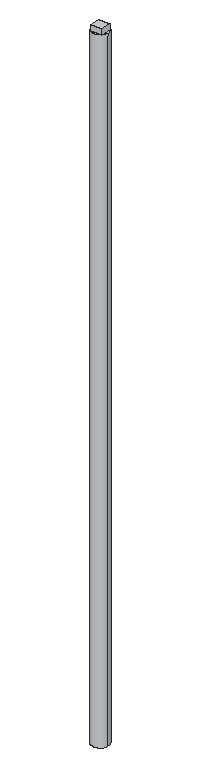
Revit family "桥面梁（内）", category 常规模型, Revit 2022
Family settings
  可将钢筋附着到主体 = 否
  圆形连接件大小 = 使用直径
  零件类型 = 标准
  基于工作平面 = 否
  总是垂直 = 是
  加载时剪切的空心 = 否
  保持注释方向 = 否
  共享 = 否
  房间计算点 = 否
Parameters
  默认高程 = 0 mm
  接将军柱深度 = 11 mm
  r = 150 mm
  alpha = 90.00°
  L = 12000 mm
  032 = 0 mm
  031 = 0.3 * r  # 45 mm
  030 = 0.00°
  029 = 90.00°
  028 = 90.00°
  027 = 90.00°
  026 = 1.7 * r  # 255 mm
  025 = 100 mm
  023 = 90.00°
  022 = alpha  # 90.00°
  021 = 90.00°
  020 = 90.00°
  019 = r * 0.3  # 45 mm
  018 = r * 1.4  # 210 mm
  017 = L + 100 mm  # 12100 mm
  016 = -r * 0.6  # -90 mm
  015 = r * 0.6  # 90 mm
  014 = r + r  # 300 mm
  013 = -2 * r  # -300 mm
  012 = alpha  # 90.00°
  011 = 0 mm
  010 = 0 mm
  009 = L  # 12000 mm
  008 = r  # 150 mm
  007 = 90.00°
  006 = 90.00°
  005 = 90.00°
  004 = alpha  # 90.00°
  002 = 90.00°
  001 = 90.00°
  000 = 90.00°
Reference planes
  plane 1 "中心(前/后)": y = 0
  plane 2: z = 0
  plane 3 "中心(左/右)": x = 0
Forms (mm)
  Revolve 1, solid
    sketch origin (0, 0, 0) x (1, 0, 0) y (0, 0, 1)
      loop
        line (2104.299, 13313.956) -> (2104.299, 1313.956) -> (2254.299, 1313.956) -> (2254.299, 13313.956) -> (2104.299, 13313.956)
      axis (2254.299, 13313.956) -> (2254.299, 1313.956)
    angle from 0 to 360
  Extrusion 2, solid
    sketch origin (0, 0, 0) x (1, 0, 0) y (0, 0, 1)
      loop
        line (2149.299, 13313.956) -> (2359.299, 13313.956) -> (2359.299, 13413.956) -> (2149.299, 13413.956) -> (2149.299, 13313.956)
    from -90 <- "016" to 90 <- "015"
Lines and regions (mm)
  reference lines
    curve 1: line (2254.299, 0, 1313.956) -> (4754.299, 0, 1313.956)
    curve 2: line (2254.299, 0, 1313.956) -> (2104.299, 0, 1313.956)
    curve 3: line (2254.299, 0, 13313.956) -> (2254.299, 0, 1313.956)
    curve 4: line (2104.299, 0, 13313.956) -> (2254.299, 0, 13313.956)
    curve 5: line (2104.299, 0, 1313.956) -> (2104.299, 0, 13313.956)
Dimensions and locks
  "r": curve 5 to curve 3
  "L": curve 4 to curve 2
  "008": Revolve 1 sketch curve to Revolve 1 sketch curve
  "009": Revolve 1 sketch curve to Revolve 1 sketch curve
  "010": Revolve 1 sketch curve to curve 5
  "011": curve 2 to Revolve 1 sketch curve
  "017": Extrusion 2 sketch curve to curve 2
  "018": Extrusion 2 sketch curve to Extrusion 2 sketch curve
  "019": curve 5 to Extrusion 2 sketch curve
  "025": Extrusion 2 sketch curve to Extrusion 2 sketch curve
  "alpha": angle curve 1 to curve 3
  "000": angle curve 3 to curve 2
  "002": angle curve 2 to curve 5
  "001": angle curve 4 to curve 3
  "004": angle curve 1 to Revolve 1 sketch curve
  "005": angle Revolve 1 sketch curve to Revolve 1 sketch curve
  "006": angle Revolve 1 sketch curve to Revolve 1 sketch curve
  "007": angle Revolve 1 sketch curve to Revolve 1 sketch curve
  "012": angle curve 1 to Revolve 1 sketch curve
  "022": angle curve 1 to Extrusion 2 sketch curve
  "021": angle Extrusion 2 sketch curve to Extrusion 2 sketch curve
  "020": angle Extrusion 2 sketch curve to Extrusion 2 sketch curve
  "023": angle Extrusion 2 sketch curve to Extrusion 2 sketch curve
  aligned and locked: level to plane 2
  aligned and locked: curve 3 to Revolve 1 sketch curve
Automatic sketch dimensions
  plane 3 "中心(左/右)" to curve 5 = 2104.299 mm
  level to curve 1 = 1313.956 mm
  level to Revolve 1 sketch curve = 313.956 mm
